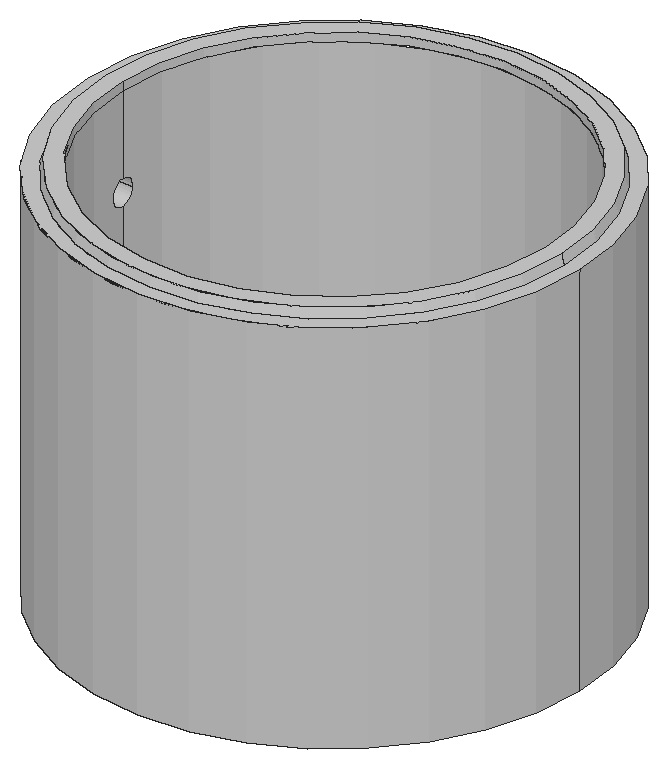
Revit family "KSPF.V 10.9", category Фундамент несущей конструкции, Revit 2025
Family settings
  Материал для поведения модели = Прочее
  Заглушка = Нет
  Номер OmniClass = 23.25.05.00
  Заголовок OmniClass = Foundations
  На основе рабочей плоскости = Нет
  Всегда вертикально = Да
  При загрузке вырезать с полостями = Нет
  Общий = Нет
  Показывать семейство разрезанным на планах = Да
Parameters
  Петля = Петля_П1_П2 : П2
Reference planes
  plane 1 "По центру (Вперед/Назад)": y = -35
  plane 2: z = 0
  plane 3 "По центру (Влево/Вправо)": x = 0
  plane 4: z = 910
  plane 5: z = 890
  plane 6: x = -500
  plane 7: x = 500
  plane 8: x = -580
  plane 9: x = 500
  plane 10: x = 580
  plane 11: z = 20
  plane 12: x = -545.345
  plane 13: z = 370
  plane 14: x = 570
  plane 15: x = -570
  plane 16: z = 150
  plane 17: x = -500
  plane 18: x = 210
  plane 19: x = -140
  plane 20: through (-538.266, -4572, 909.268) normal (-0.9397, 0, 0.342)
  plane 21: x = 545.345
  plane 22: through (538.266, -4572, 909.268) normal (-0.9397, 0, -0.342)
  plane 23: x = -538
  plane 24: x = 538
  plane 25: x = 500
  plane 26: x = -490
  plane 27: z = 675
Forms (mm)
  Extrusion 1, solid, material "Бетон В15"
    sketch origin (0, 0, 0) x (1, 0, 0) y (0, 1, 0)
      loop
        circle (0, -35) r 580
      loop
        circle (0, -35) r 500
    from 0 to 890
  Extrusion 2, void
    sketch origin (0, 0, -20) x (0, 1, 0) y (0, 0, 1)
      loop
        circle (-35, 390) r 30
    from -570 to 570
  Extrusion 3, solid, material "Бетон В15"
    sketch origin (0, 0, 0) x (1, 0, 0) y (0, 1, 0)
      loop
        circle (0, -35) r 500
    from 0 to 150
  Extrusion 4, void
    sketch origin (0, 0, 0) x (1, 0, 0) y (0, 1, 0)
      loop
        circle (-140, -35) r 350
    from 0 to 150
  Blend 5, solid, material "Бетон В15"
    base sketch origin (0, 0, 0) x (1, 0, 0) y (0, 1, 0)
      loop
        circle (0, -35) r 545.345
    top sketch origin (0, 0, 0) x (1, 0, 0) y (0, 1, 0)
      loop
        circle (0, -35) r 538
    from 890 to 910
  Extrusion 6, void
    sketch origin (0, 0, 0) x (1, 0, 0) y (0, 1, 0)
      loop
        circle (0, -35) r 500
    from 890 to 910
  Extrusion 7, void
    sketch origin (0, 0, 285) x (0, 1, 0) y (0, 0, 1)
      loop
        circle (-35, 390) r 30
    from -570 to 570
Cuts and joins
  Extrusion 2, Extrusion 6, Extrusion 7 cuts Extrusion 1
  Extrusion 4, Extrusion 6, Extrusion 7 cuts Extrusion 3
  Extrusion 6, Extrusion 7 cuts Blend 5
  joined: Extrusion 1, Extrusion 3, Blend 5
Dimensions and locks
  plane 4 to level = 910 mm
  cut or joined group of Extrusion 1, Extrusion 2, Extrusion 3, Extrusion 4, Blend 5, Extrusion 6, Extrusion 7 to plane 13 = 370 mm
  plane 13 to level = 370 mm
  plane 27 to plane 13 = 305 mm
  aligned and locked: plane 2 to level
